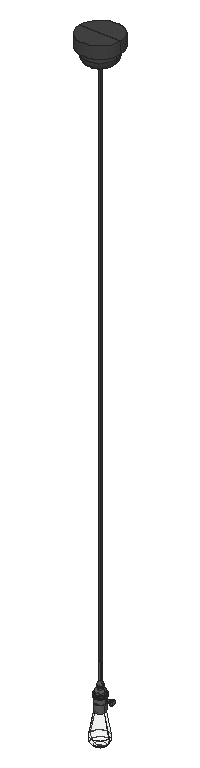
Revit family "SPO-KEY-BP MB", category Lighting Fixtures, Revit 2020 (continued)
Definition of nested family "SPO-KEY-AB"
  Definition of nested family "SPO-KEY-AB HOLDER"
    Forms (in)
      Extrusion 126, solid, material <- "Body", visible <- "SPO-KEY-AB"
        sketch origin (-0.00004, 0.0311, -0.22468) x (0.770394, 0.637568, 0) y (-0.637568, 0.770394, 0)
          loop
            line (0.44965, 0.52237) -> (0.48225, 0.49432) -> (0.51145, 0.52351) -> (0.47877, 0.55619) -> (0.44965, 0.52237)
        from 1.87225 to 1.98153
      Extrusion 127, solid, material <- "Body", visible <- "SPO-KEY-AB"
        sketch origin (0.003, 0.03095, -0.22468) x (0.829137, 0.559045, 0) y (-0.559045, 0.829137, 0)
          loop
            line (0.44965, 0.52237) -> (0.48225, 0.49432) -> (0.51145, 0.52351) -> (0.47877, 0.55619) -> (0.44965, 0.52237)
        from 1.87225 to 1.98153
      Extrusion 128, solid, material <- "Body", visible <- "SPO-KEY-AB"
        sketch origin (0.00602, 0.03051, -0.22468) x (0.879906, 0.475147, 0) y (-0.475147, 0.879906, 0)
          loop
            line (0.44965, 0.52237) -> (0.48225, 0.49432) -> (0.51145, 0.52351) -> (0.47877, 0.55619) -> (0.44965, 0.52237)
        from 1.87225 to 1.98153
      Extrusion 129, solid, material <- "Body", visible <- "SPO-KEY-AB"
        sketch origin (0.00898, 0.02977, -0.22468) x (0.922214, 0.38668, 0) y (-0.38668, 0.922214, 0)
          loop
            line (0.44965, 0.52237) -> (0.48225, 0.49432) -> (0.51145, 0.52351) -> (0.47877, 0.55619) -> (0.44965, 0.52237)
        from 1.87225 to 1.98153
      Extrusion 130, solid, material <- "Body", visible <- "SPO-KEY-AB"
        sketch origin (0.01185, 0.02875, -0.22468) x (0.955653, 0.294494, 0) y (-0.294494, 0.955653, 0)
          loop
            line (0.44965, 0.52237) -> (0.48225, 0.49432) -> (0.51145, 0.52351) -> (0.47877, 0.55619) -> (0.44965, 0.52237)
        from 1.87225 to 1.98153
      Extrusion 131, solid, material <- "Body", visible <- "SPO-KEY-AB"
        sketch origin (0.01461, 0.02745, -0.22468) x (0.979903, 0.199477, 0) y (-0.199477, 0.979903, 0)
          loop
            line (0.44965, 0.52237) -> (0.48225, 0.49432) -> (0.51145, 0.52351) -> (0.47877, 0.55619) -> (0.44965, 0.52237)
        from 1.87225 to 1.98153
      Extrusion 132, solid, material <- "Body", visible <- "SPO-KEY-AB"
        sketch origin (0.01723, 0.02589, -0.22468) x (0.994729, 0.102541, 0) y (-0.102541, 0.994729, 0)
          loop
            line (0.44965, 0.52237) -> (0.48225, 0.49432) -> (0.51145, 0.52351) -> (0.47877, 0.55619) -> (0.44965, 0.52237)
        from 1.87225 to 1.98153
      Extrusion 133, solid, material <- "Body", visible <- "SPO-KEY-AB"
        sketch origin (0.01968, 0.02408, -0.22468) x (0.999989, 0.004618, 0) y (-0.004618, 0.999989, 0)
          loop
            line (0.44965, 0.52237) -> (0.48225, 0.49432) -> (0.51145, 0.52351) -> (0.47877, 0.55619) -> (0.44965, 0.52237)
        from 1.87225 to 1.98153
      Extrusion 134, solid, material <- "Body", visible <- "SPO-KEY-AB"
        sketch origin (-0.38641, -0.34585, 0.9375) x (0.995192, -0.097945, 0) y (0.097945, 0.995192, 0)
          loop
            line (0.527, 0.61222) -> (0.56632, 0.57838) -> (0.59931, 0.61137) -> (0.56005, 0.65062) -> (0.527, 0.61222)
        from 1.81351 to 1.98153
      Extrusion 135, solid, material <- "Body", visible <- "SPO-KEY-AB"
        sketch origin (-0.46276, -0.23405, 0.9375) x (0.935931, -0.352183, 0) y (0.352183, 0.935931, 0)
          loop
            line (0.527, 0.61222) -> (0.56632, 0.57838) -> (0.59931, 0.61137) -> (0.56005, 0.65062) -> (0.527, 0.61222)
        from 1.81351 to 1.98153
      Extrusion 136, solid, material <- "Body", visible <- "SPO-KEY-AB"
        sketch origin (-0.50757, -0.10631, 0.9375) x (0.812889, -0.582419, 0) y (0.582419, 0.812889, 0)
          loop
            line (0.527, 0.61222) -> (0.56632, 0.57838) -> (0.59931, 0.61137) -> (0.56005, 0.65062) -> (0.527, 0.61222)
        from 1.81351 to 1.98153
      Extrusion 137, solid, material <- "Body", visible <- "SPO-KEY-AB"
        sketch origin (-0.51779, 0.02868, 0.9375) x (0.634449, -0.772965, 0) y (0.772965, 0.634449, 0)
          loop
            line (0.527, 0.61222) -> (0.56632, 0.57838) -> (0.59931, 0.61137) -> (0.56005, 0.65062) -> (0.527, 0.61222)
        from 1.81351 to 1.98153
      Extrusion 138, solid, material <- "Body", visible <- "SPO-KEY-AB"
        sketch origin (-0.49272, 0.16172, 0.9375) x (0.412773, -0.910834, 0) y (0.910834, 0.412773, 0)
          loop
            line (0.527, 0.61222) -> (0.56632, 0.57838) -> (0.59931, 0.61137) -> (0.56005, 0.65062) -> (0.527, 0.61222)
        from 1.81351 to 1.98153
      Extrusion 139, solid, material <- "Body", visible <- "SPO-KEY-AB"
        sketch origin (-0.43407, 0.28373, 0.9375) x (0.162967, -0.986632, 0) y (0.986632, 0.162967, 0)
          loop
            line (0.527, 0.61222) -> (0.56632, 0.57838) -> (0.59931, 0.61137) -> (0.56005, 0.65062) -> (0.527, 0.61222)
        from 1.81351 to 1.98153
      Extrusion 140, solid, material <- "Body", visible <- "SPO-KEY-AB"
        sketch origin (-0.34585, 0.38641, 0.9375) x (-0.097945, -0.995192, 0) y (0.995192, -0.097945, 0)
          loop
            line (0.527, 0.61222) -> (0.56632, 0.57838) -> (0.59931, 0.61137) -> (0.56005, 0.65062) -> (0.527, 0.61222)
        from 1.81351 to 1.98153
      Extrusion 141, solid, material <- "Body", visible <- "SPO-KEY-AB"
        sketch origin (-0.23405, 0.46276, 0.9375) x (-0.352183, -0.935931, 0) y (0.935931, -0.352183, 0)
          loop
            line (0.527, 0.61222) -> (0.56632, 0.57838) -> (0.59931, 0.61137) -> (0.56005, 0.65062) -> (0.527, 0.61222)
        from 1.81351 to 1.98153
      Extrusion 142, solid, material <- "Body", visible <- "SPO-KEY-AB"
        sketch origin (-0.10631, 0.50757, 0.9375) x (-0.582419, -0.812889, 0) y (0.812889, -0.582419, 0)
          loop
            line (0.527, 0.61222) -> (0.56632, 0.57838) -> (0.59931, 0.61137) -> (0.56005, 0.65062) -> (0.527, 0.61222)
        from 1.81351 to 1.98153
      Extrusion 143, solid, material <- "Body", visible <- "SPO-KEY-AB"
        sketch origin (0.02868, 0.51779, 0.9375) x (-0.772965, -0.634449, 0) y (0.634449, -0.772965, 0)
          loop
            line (0.527, 0.61222) -> (0.56632, 0.57838) -> (0.59931, 0.61137) -> (0.56005, 0.65062) -> (0.527, 0.61222)
        from 1.81351 to 1.98153
      Extrusion 144, solid, material <- "Body", visible <- "SPO-KEY-AB"
        sketch origin (0.16172, 0.49272, 0.9375) x (-0.910834, -0.412773, 0) y (0.412773, -0.910834, 0)
          loop
            line (0.527, 0.61222) -> (0.56632, 0.57838) -> (0.59931, 0.61137) -> (0.56005, 0.65062) -> (0.527, 0.61222)
        from 1.81351 to 1.98153
      Extrusion 145, solid, material <- "Body", visible <- "SPO-KEY-AB"
        sketch origin (0.28373, 0.43407, 0.9375) x (-0.986632, -0.162967, 0) y (0.162967, -0.986632, 0)
          loop
            line (0.527, 0.61222) -> (0.56632, 0.57838) -> (0.59931, 0.61137) -> (0.56005, 0.65062) -> (0.527, 0.61222)
        from 1.81351 to 1.98153
      Extrusion 146, solid, material <- "Body", visible <- "SPO-KEY-AB"
        sketch origin (0.38641, 0.34585, 0.9375) x (-0.995192, 0.097945, 0) y (-0.097945, -0.995192, 0)
          loop
            line (0.527, 0.61222) -> (0.56632, 0.57838) -> (0.59931, 0.61137) -> (0.56005, 0.65062) -> (0.527, 0.61222)
        from 1.81351 to 1.98153
      Extrusion 147, solid, material <- "Body", visible <- "SPO-KEY-AB"
        sketch origin (0.46276, 0.23405, 0.9375) x (-0.935931, 0.352183, 0) y (-0.352183, -0.935931, 0)
          loop
            line (0.527, 0.61222) -> (0.56632, 0.57838) -> (0.59931, 0.61137) -> (0.56005, 0.65062) -> (0.527, 0.61222)
        from 1.81351 to 1.98153
      Extrusion 148, solid, material <- "Body", visible <- "SPO-KEY-AB"
        sketch origin (0.50757, 0.10631, 0.9375) x (-0.812889, 0.582419, 0) y (-0.582419, -0.812889, 0)
          loop
            line (0.527, 0.61222) -> (0.56632, 0.57838) -> (0.59931, 0.61137) -> (0.56005, 0.65062) -> (0.527, 0.61222)
        from 1.81351 to 1.98153
      Extrusion 149, solid, material <- "Body", visible <- "SPO-KEY-AB"
        sketch origin (0.51779, -0.02868, 0.9375) x (-0.634449, 0.772965, 0) y (-0.772965, -0.634449, 0)
          loop
            line (0.527, 0.61222) -> (0.56632, 0.57838) -> (0.59931, 0.61137) -> (0.56005, 0.65062) -> (0.527, 0.61222)
        from 1.81351 to 1.98153
      Extrusion 150, solid, material <- "Body", visible <- "SPO-KEY-AB"
        sketch origin (0.49272, -0.16172, 0.9375) x (-0.412773, 0.910834, 0) y (-0.910834, -0.412773, 0)
          loop
            line (0.527, 0.61222) -> (0.56632, 0.57838) -> (0.59931, 0.61137) -> (0.56005, 0.65062) -> (0.527, 0.61222)
        from 1.81351 to 1.98153
      Extrusion 151, solid, material <- "Body", visible <- "SPO-KEY-AB"
        sketch origin (0.43407, -0.28373, 0.9375) x (-0.162967, 0.986632, 0) y (-0.986632, -0.162967, 0)
          loop
            line (0.527, 0.61222) -> (0.56632, 0.57838) -> (0.59931, 0.61137) -> (0.56005, 0.65062) -> (0.527, 0.61222)
        from 1.81351 to 1.98153
      Extrusion 152, solid, material <- "Body", visible <- "SPO-KEY-AB"
        sketch origin (0.34585, -0.38641, 0.9375) x (0.097945, 0.995192, 0) y (-0.995192, 0.097945, 0)
          loop
            line (0.527, 0.61222) -> (0.56632, 0.57838) -> (0.59931, 0.61137) -> (0.56005, 0.65062) -> (0.527, 0.61222)
        from 1.81351 to 1.98153
      Extrusion 153, solid, material <- "Body", visible <- "SPO-KEY-AB"
        sketch origin (0.23405, -0.46276, 0.9375) x (0.352183, 0.935931, 0) y (-0.935931, 0.352183, 0)
          loop
            line (0.527, 0.61222) -> (0.56632, 0.57838) -> (0.59931, 0.61137) -> (0.56005, 0.65062) -> (0.527, 0.61222)
        from 1.81351 to 1.98153
      Extrusion 154, solid, material <- "Body", visible <- "SPO-KEY-AB"
        sketch origin (0.10631, -0.50757, 0.9375) x (0.582419, 0.812889, 0) y (-0.812889, 0.582419, 0)
          loop
            line (0.527, 0.61222) -> (0.56632, 0.57838) -> (0.59931, 0.61137) -> (0.56005, 0.65062) -> (0.527, 0.61222)
        from 1.81351 to 1.98153
      Extrusion 155, solid, material <- "Body", visible <- "SPO-KEY-AB"
        sketch origin (-0.02868, -0.51779, 0.9375) x (0.772965, 0.634449, 0) y (-0.634449, 0.772965, 0)
          loop
            line (0.527, 0.61222) -> (0.56632, 0.57838) -> (0.59931, 0.61137) -> (0.56005, 0.65062) -> (0.527, 0.61222)
        from 1.81351 to 1.98153
      Extrusion 156, solid, material <- "Body", visible <- "SPO-KEY-AB"
        sketch origin (-0.16172, -0.49272, 0.9375) x (0.910834, 0.412773, 0) y (-0.412773, 0.910834, 0)
          loop
            line (0.527, 0.61222) -> (0.56632, 0.57838) -> (0.59931, 0.61137) -> (0.56005, 0.65062) -> (0.527, 0.61222)
        from 1.81351 to 1.98153
      Extrusion 157, solid, material <- "Body", visible <- "SPO-KEY-AB"
        sketch origin (-0.28373, -0.43407, 0.9375) x (0.986632, 0.162967, 0) y (-0.162967, 0.986632, 0)
          loop
            line (0.527, 0.61222) -> (0.56632, 0.57838) -> (0.59931, 0.61137) -> (0.56005, 0.65062) -> (0.527, 0.61222)
        from 1.81351 to 1.98153
      Extrusion 158, solid, material <- "Body", visible <- "SPO-KEY-AB"
        sketch origin (0, 0.00846, -0.00846) x (0, 1, 0) y (0, 0, 1)
          loop
            line (-0.20033, 1.5998) -> (-0.15905, 1.62871) -> (-0.18163, 1.66095) -> (-0.22661, 1.62946) -> (-0.20033, 1.5998)
        from 1.51604 to 1.63175
      Extrusion 159, solid, material <- "Body", visible <- "SPO-KEY-AB"
        sketch origin (0, -0.30039, 0.02455) x (0, 0.974751, -0.223295) y (0, 0.223295, 0.974751)
          loop
            line (-0.20033, 1.5998) -> (-0.15905, 1.62871) -> (-0.18163, 1.66095) -> (-0.22661, 1.62946) -> (-0.20033, 1.5998)
        from 1.51604 to 1.63175
      Extrusion 160, solid, material <- "Body", visible <- "SPO-KEY-AB"
        sketch origin (0, -0.59406, 0.12569) x (0, 0.900279, -0.435314) y (0, 0.435314, 0.900279)
          loop
            line (-0.20033, 1.5998) -> (-0.15905, 1.62871) -> (-0.18163, 1.66095) -> (-0.22661, 1.62946) -> (-0.20033, 1.5998)
        from 1.51604 to 1.63175
      Extrusion 161, solid, material <- "Body", visible <- "SPO-KEY-AB"
        sketch origin (0, -0.85774, 0.28985) x (0, 0.780344, -0.62535) y (0, 0.62535, 0.780344)
          loop
            line (-0.20033, 1.5998) -> (-0.15905, 1.62871) -> (-0.18163, 1.66095) -> (-0.22661, 1.62946) -> (-0.20033, 1.5998)
        from 1.51604 to 1.63175
      Extrusion 162, solid, material <- "Body", visible <- "SPO-KEY-AB"
        sketch origin (0, -1.0781, 0.50875) x (0, 0.621004, -0.783807) y (0, 0.783807, 0.621004)
          loop
            line (-0.20033, 1.5998) -> (-0.15905, 1.62871) -> (-0.18163, 1.66095) -> (-0.22661, 1.62946) -> (-0.20033, 1.5998)
        from 1.51604 to 1.63175
      Extrusion 163, solid, material <- "Body", visible <- "SPO-KEY-AB"
        sketch origin (0, -1.24402, 0.77132) x (0, 0.430304, -0.902684) y (0, 0.902684, 0.430304)
          loop
            line (-0.20033, 1.5998) -> (-0.15905, 1.62871) -> (-0.18163, 1.66095) -> (-0.22661, 1.62946) -> (-0.20033, 1.5998)
        from 1.51604 to 1.63175
      Extrusion 164, solid, material <- "Body", visible <- "SPO-KEY-AB"
        sketch origin (0, -1.34712, 1.06431) x (0, 0.217875, -0.975977) y (0, 0.975977, 0.217875)
          loop
            line (-0.20033, 1.5998) -> (-0.15905, 1.62871) -> (-0.18163, 1.66095) -> (-0.22661, 1.62946) -> (-0.20033, 1.5998)
        from 1.51604 to 1.63175
      Extrusion 165, solid, material <- "Body", visible <- "SPO-KEY-AB"
        sketch origin (0, -1.38219, 1.37293) x (0, -0.005557, -0.999985) y (0, 0.999985, -0.005557)
          loop
            line (-0.20033, 1.5998) -> (-0.15905, 1.62871) -> (-0.18163, 1.66095) -> (-0.22661, 1.62946) -> (-0.20033, 1.5998)
        from 1.51604 to 1.63175
      Extrusion 166, solid, material <- "Body", visible <- "SPO-KEY-AB"
        sketch origin (0, -1.34747, 1.68159) x (0, -0.228708, -0.973495) y (0, 0.973495, -0.228708)
          loop
            line (-0.20033, 1.5998) -> (-0.15905, 1.62871) -> (-0.18163, 1.66095) -> (-0.22661, 1.62946) -> (-0.20033, 1.5998)
        from 1.51604 to 1.63175
      Extrusion 167, solid, material <- "Body", visible <- "SPO-KEY-AB"
        sketch origin (0, -1.2447, 1.9747) x (0, -0.44031, -0.897846) y (0, 0.897846, -0.44031)
          loop
            line (-0.20033, 1.5998) -> (-0.15905, 1.62871) -> (-0.18163, 1.66095) -> (-0.22661, 1.62946) -> (-0.20033, 1.5998)
        from 1.51604 to 1.63175
      Extrusion 168, solid, material <- "Body", visible <- "SPO-KEY-AB"
        sketch origin (0, -1.07907, 2.23745) x (0, -0.629677, -0.776857) y (0, 0.776857, -0.629677)
          loop
            line (-0.20033, 1.5998) -> (-0.15905, 1.62871) -> (-0.18163, 1.66095) -> (-0.22661, 1.62946) -> (-0.20033, 1.5998)
        from 1.51604 to 1.63175
      Extrusion 169, solid, material <- "Body", visible <- "SPO-KEY-AB"
        sketch origin (0, -0.85895, 2.4566) x (0, -0.787246, -0.616639) y (0, 0.616639, -0.787246)
          loop
            line (-0.20033, 1.5998) -> (-0.15905, 1.62871) -> (-0.18163, 1.66095) -> (-0.22661, 1.62946) -> (-0.20033, 1.5998)
        from 1.51604 to 1.63175
      Extrusion 170, solid, material <- "Body", visible <- "SPO-KEY-AB"
        sketch origin (0, -0.59546, 2.62106) x (0, -0.905061, -0.425281) y (0, 0.425281, -0.905061)
          loop
            line (-0.20033, 1.5998) -> (-0.15905, 1.62871) -> (-0.18163, 1.66095) -> (-0.22661, 1.62946) -> (-0.20033, 1.5998)
        from 1.51604 to 1.63175
      Extrusion 171, solid, material <- "Body", visible <- "SPO-KEY-AB"
        sketch origin (0, -0.3019, 2.72252) x (0, -0.977172, -0.212448) y (0, 0.212448, -0.977172)
          loop
            line (-0.20033, 1.5998) -> (-0.15905, 1.62871) -> (-0.18163, 1.66095) -> (-0.22661, 1.62946) -> (-0.20033, 1.5998)
        from 1.51604 to 1.63175
      Extrusion 172, solid, material <- "Body", visible <- "SPO-KEY-AB"
        sketch origin (0, 0.0069, 2.75588) x (0, -0.999938, 0.011114) y (0, -0.011114, -0.999938)
          loop
            line (-0.20033, 1.5998) -> (-0.15905, 1.62871) -> (-0.18163, 1.66095) -> (-0.22661, 1.62946) -> (-0.20033, 1.5998)
        from 1.51604 to 1.63175
      Extrusion 173, solid, material <- "Body", visible <- "SPO-KEY-AB"
        sketch origin (0, 0.31536, 2.71944) x (0, -0.972209, 0.234115) y (0, -0.234115, -0.972209)
          loop
            line (-0.20033, 1.5998) -> (-0.15905, 1.62871) -> (-0.18163, 1.66095) -> (-0.22661, 1.62946) -> (-0.20033, 1.5998)
        from 1.51604 to 1.63175
      Extrusion 174, solid, material <- "Body", visible <- "SPO-KEY-AB"
        sketch origin (0, 0.6079, 2.61504) x (0, -0.895385, 0.445293) y (0, -0.445293, -0.895385)
          loop
            line (-0.20033, 1.5998) -> (-0.15905, 1.62871) -> (-0.18163, 1.66095) -> (-0.22661, 1.62946) -> (-0.20033, 1.5998)
        from 1.51604 to 1.63175
      Extrusion 175, solid, material <- "Body", visible <- "SPO-KEY-AB"
        sketch origin (0, 0.86973, 2.44796) x (0, -0.773346, 0.633984) y (0, -0.633984, -0.773346)
          loop
            line (-0.20033, 1.5998) -> (-0.15905, 1.62871) -> (-0.18163, 1.66095) -> (-0.22661, 1.62946) -> (-0.20033, 1.5998)
        from 1.51604 to 1.63175
      Extrusion 176, solid, material <- "Body", visible <- "SPO-KEY-AB"
        sketch origin (0, 1.08765, 2.22663) x (0, -0.612254, 0.790661) y (0, -0.790661, -0.612254)
          loop
            line (-0.20033, 1.5998) -> (-0.15905, 1.62871) -> (-0.18163, 1.66095) -> (-0.22661, 1.62946) -> (-0.20033, 1.5998)
        from 1.51604 to 1.63175
      Extrusion 177, solid, material <- "Body", visible <- "SPO-KEY-AB"
        sketch origin (0, 1.25064, 1.96223) x (0, -0.420245, 0.907411) y (0, -0.907411, -0.420245)
          loop
            line (-0.20033, 1.5998) -> (-0.15905, 1.62871) -> (-0.18163, 1.66095) -> (-0.22661, 1.62946) -> (-0.20033, 1.5998)
        from 1.51604 to 1.63175
      Extrusion 178, solid, material <- "Body", visible <- "SPO-KEY-AB"
        sketch origin (0, 1.35047, 1.66811) x (0, -0.207014, 0.978338) y (0, -0.978338, -0.207014)
          loop
            line (-0.20033, 1.5998) -> (-0.15905, 1.62871) -> (-0.18163, 1.66095) -> (-0.22661, 1.62946) -> (-0.20033, 1.5998)
        from 1.51604 to 1.63175
      Extrusion 179, solid, material <- "Body", visible <- "SPO-KEY-AB"
        sketch origin (0, 1.38211, 1.35912) x (0, 0.016671, 0.999861) y (0, -0.999861, 0.016671)
          loop
            line (-0.20033, 1.5998) -> (-0.15905, 1.62871) -> (-0.18163, 1.66095) -> (-0.22661, 1.62946) -> (-0.20033, 1.5998)
        from 1.51604 to 1.63175
      Extrusion 180, solid, material <- "Body", visible <- "SPO-KEY-AB"
        sketch origin (0, 1.34396, 1.05087) x (0, 0.239514, 0.970893) y (0, -0.970893, 0.239514)
          loop
            line (-0.20033, 1.5998) -> (-0.15905, 1.62871) -> (-0.18163, 1.66095) -> (-0.22661, 1.62946) -> (-0.20033, 1.5998)
        from 1.51604 to 1.63175
      Extrusion 181, solid, material <- "Body", visible <- "SPO-KEY-AB"
        sketch origin (0, 1.23794, 0.75892) x (0, 0.450261, 0.892897) y (0, -0.892897, 0.450261)
          loop
            line (-0.20033, 1.5998) -> (-0.15905, 1.62871) -> (-0.18163, 1.66095) -> (-0.22661, 1.62946) -> (-0.20033, 1.5998)
        from 1.51604 to 1.63175
      Extrusion 182, solid, material <- "Body", visible <- "SPO-KEY-AB"
        sketch origin (0, 1.0694, 0.49802) x (0, 0.638272, 0.769811) y (0, -0.769811, 0.638272)
          loop
            line (-0.20033, 1.5998) -> (-0.15905, 1.62871) -> (-0.18163, 1.66095) -> (-0.22661, 1.62946) -> (-0.20033, 1.5998)
        from 1.51604 to 1.63175
      Extrusion 183, solid, material <- "Body", visible <- "SPO-KEY-AB"
        sketch origin (0, 0.84687, 0.28134) x (0, 0.794051, 0.607851) y (0, -0.607851, 0.794051)
          loop
            line (-0.20033, 1.5998) -> (-0.15905, 1.62871) -> (-0.18163, 1.66095) -> (-0.22661, 1.62946) -> (-0.20033, 1.5998)
        from 1.51604 to 1.63175
      Extrusion 184, solid, material <- "Body", visible <- "SPO-KEY-AB"
        sketch origin (0, 0.58156, 0.11982) x (0, 0.909732, 0.415196) y (0, -0.415196, 0.909732)
          loop
            line (-0.20033, 1.5998) -> (-0.15905, 1.62871) -> (-0.18163, 1.66095) -> (-0.22661, 1.62946) -> (-0.20033, 1.5998)
        from 1.51604 to 1.63175
      Extrusion 185, solid, material <- "Body", visible <- "SPO-KEY-AB"
        sketch origin (0, 0.28689, 0.02162) x (0, 0.979473, 0.201574) y (0, -0.201574, 0.979473)
          loop
            line (-0.20033, 1.5998) -> (-0.15905, 1.62871) -> (-0.18163, 1.66095) -> (-0.22661, 1.62946) -> (-0.20033, 1.5998)
        from 1.51604 to 1.63175
    Dimensions and locks (in)
      locked: plane 4 to plane 2 at 3.5
      equal spacing: plane 5, plane 3 "Center (Left/Right)", plane 6
      plane 5 to plane 6 = 0' - 1 1/2"
      aligned and locked: plane 2 to level
    Automatic sketch dimensions
      Extrusion 4 sketch curve to Extrusion 4 sketch curve = 0' - 0.02911"
      Extrusion 4 sketch curve to Extrusion 4 sketch curve = 0' - 0.0326"
      Extrusion 4 sketch curve to Extrusion 4 sketch curve = 0' - 0.0292"
      Extrusion 4 sketch curve to Extrusion 4 sketch curve = 0' - 0.02806"
      Extrusion 5 sketch curve to Extrusion 5 sketch curve = 0' - 0.02911"
      Extrusion 5 sketch curve to Extrusion 5 sketch curve = 0' - 0.0326"
      Extrusion 5 sketch curve to Extrusion 5 sketch curve = 0' - 0.0292"
      Extrusion 5 sketch curve to Extrusion 5 sketch curve = 0' - 0.02806"
      Extrusion 6 sketch curve to Extrusion 6 sketch curve = 0' - 0.02911"
      Extrusion 6 sketch curve to Extrusion 6 sketch curve = 0' - 0.0326"
      Extrusion 6 sketch curve to Extrusion 6 sketch curve = 0' - 0.0292"
      Extrusion 6 sketch curve to Extrusion 6 sketch curve = 0' - 0.02806"
      Extrusion 7 sketch curve to Extrusion 7 sketch curve = 0' - 0.02911"
      Extrusion 7 sketch curve to Extrusion 7 sketch curve = 0' - 0.0326"
      Extrusion 7 sketch curve to Extrusion 7 sketch curve = 0' - 0.0292"
      Extrusion 7 sketch curve to Extrusion 7 sketch curve = 0' - 0.02806"
      Extrusion 8 sketch curve to Extrusion 8 sketch curve = 0' - 0.02911"
      Extrusion 8 sketch curve to Extrusion 8 sketch curve = 0' - 0.0326"
      Extrusion 8 sketch curve to Extrusion 8 sketch curve = 0' - 0.0292"
      Extrusion 8 sketch curve to Extrusion 8 sketch curve = 0' - 0.02806"
      Extrusion 9 sketch curve to Extrusion 9 sketch curve = 0' - 0.02911"
      Extrusion 9 sketch curve to Extrusion 9 sketch curve = 0' - 0.0326"
      Extrusion 9 sketch curve to Extrusion 9 sketch curve = 0' - 0.0292"
      Extrusion 9 sketch curve to Extrusion 9 sketch curve = 0' - 0.02806"
      Extrusion 10 sketch curve to Extrusion 10 sketch curve = 0' - 0.02911"
      Extrusion 10 sketch curve to Extrusion 10 sketch curve = 0' - 0.0326"
      Extrusion 10 sketch curve to Extrusion 10 sketch curve = 0' - 0.0292"
      Extrusion 10 sketch curve to Extrusion 10 sketch curve = 0' - 0.02806"
      Extrusion 11 sketch curve to Extrusion 11 sketch curve = 0' - 0.02911"
      Extrusion 11 sketch curve to Extrusion 11 sketch curve = 0' - 0.0326"
      Extrusion 11 sketch curve to Extrusion 11 sketch curve = 0' - 0.0292"
      Extrusion 11 sketch curve to Extrusion 11 sketch curve = 0' - 0.02806"
      Extrusion 12 sketch curve to Extrusion 12 sketch curve = 0' - 0.02911"
      Extrusion 12 sketch curve to Extrusion 12 sketch curve = 0' - 0.0326"
      Extrusion 12 sketch curve to Extrusion 12 sketch curve = 0' - 0.0292"
      Extrusion 12 sketch curve to Extrusion 12 sketch curve = 0' - 0.02806"
      Extrusion 13 sketch curve to Extrusion 13 sketch curve = 0' - 0.02911"
      Extrusion 13 sketch curve to Extrusion 13 sketch curve = 0' - 0.0326"
      Extrusion 13 sketch curve to Extrusion 13 sketch curve = 0' - 0.0292"
      Extrusion 13 sketch curve to Extrusion 13 sketch curve = 0' - 0.02806"
      Extrusion 14 sketch curve to Extrusion 14 sketch curve = 0' - 0.02911"
      Extrusion 14 sketch curve to Extrusion 14 sketch curve = 0' - 0.0326"
      Extrusion 14 sketch curve to Extrusion 14 sketch curve = 0' - 0.0292"
      Extrusion 14 sketch curve to Extrusion 14 sketch curve = 0' - 0.02806"
      Extrusion 15 sketch curve to Extrusion 15 sketch curve = 0' - 0.02911"
      Extrusion 15 sketch curve to Extrusion 15 sketch curve = 0' - 0.0326"
      Extrusion 15 sketch curve to Extrusion 15 sketch curve = 0' - 0.0292"
      Extrusion 15 sketch curve to Extrusion 15 sketch curve = 0' - 0.02806"
      Extrusion 16 sketch curve to Extrusion 16 sketch curve = 0' - 0.02911"
      Extrusion 16 sketch curve to Extrusion 16 sketch curve = 0' - 0.0326"
      Extrusion 16 sketch curve to Extrusion 16 sketch curve = 0' - 0.0292"
      Extrusion 16 sketch curve to Extrusion 16 sketch curve = 0' - 0.02806"
      Extrusion 17 sketch curve to Extrusion 17 sketch curve = 0' - 0.02911"
      Extrusion 17 sketch curve to Extrusion 17 sketch curve = 0' - 0.0326"
      Extrusion 17 sketch curve to Extrusion 17 sketch curve = 0' - 0.0292"
      Extrusion 17 sketch curve to Extrusion 17 sketch curve = 0' - 0.02806"
      Extrusion 18 sketch curve to Extrusion 18 sketch curve = 0' - 0.02911"
      Extrusion 18 sketch curve to Extrusion 18 sketch curve = 0' - 0.0326"
      Extrusion 18 sketch curve to Extrusion 18 sketch curve = 0' - 0.0292"
      Extrusion 18 sketch curve to Extrusion 18 sketch curve = 0' - 0.02806"
      Extrusion 19 sketch curve to Extrusion 19 sketch curve = 0' - 0.02911"
      Extrusion 19 sketch curve to Extrusion 19 sketch curve = 0' - 0.0326"
      Extrusion 19 sketch curve to Extrusion 19 sketch curve = 0' - 0.0292"
      Extrusion 19 sketch curve to Extrusion 19 sketch curve = 0' - 0.02806"
      Extrusion 20 sketch curve to Extrusion 20 sketch curve = 0' - 0.02911"
      Extrusion 20 sketch curve to Extrusion 20 sketch curve = 0' - 0.0326"
      Extrusion 20 sketch curve to Extrusion 20 sketch curve = 0' - 0.0292"
      Extrusion 20 sketch curve to Extrusion 20 sketch curve = 0' - 0.02806"
      Extrusion 21 sketch curve to Extrusion 21 sketch curve = 0' - 0.02911"
      Extrusion 21 sketch curve to Extrusion 21 sketch curve = 0' - 0.0326"
      Extrusion 21 sketch curve to Extrusion 21 sketch curve = 0' - 0.0292"
      Extrusion 21 sketch curve to Extrusion 21 sketch curve = 0' - 0.02806"
      Extrusion 22 sketch curve to Extrusion 22 sketch curve = 0' - 0.02911"
      Extrusion 22 sketch curve to Extrusion 22 sketch curve = 0' - 0.0326"
      Extrusion 22 sketch curve to Extrusion 22 sketch curve = 0' - 0.0292"
      Extrusion 22 sketch curve to Extrusion 22 sketch curve = 0' - 0.02806"
      Extrusion 23 sketch curve to Extrusion 23 sketch curve = 0' - 0.02911"
      Extrusion 23 sketch curve to Extrusion 23 sketch curve = 0' - 0.0326"
      Extrusion 23 sketch curve to Extrusion 23 sketch curve = 0' - 0.0292"
      Extrusion 23 sketch curve to Extrusion 23 sketch curve = 0' - 0.02806"
      Extrusion 24 sketch curve to Extrusion 24 sketch curve = 0' - 0.02911"
      Extrusion 24 sketch curve to Extrusion 24 sketch curve = 0' - 0.0326"
      Extrusion 24 sketch curve to Extrusion 24 sketch curve = 0' - 0.0292"
      Extrusion 24 sketch curve to Extrusion 24 sketch curve = 0' - 0.02806"
      Extrusion 25 sketch curve to Extrusion 25 sketch curve = 0' - 0.02911"
      Extrusion 25 sketch curve to Extrusion 25 sketch curve = 0' - 0.0326"
      Extrusion 25 sketch curve to Extrusion 25 sketch curve = 0' - 0.0292"
      Extrusion 25 sketch curve to Extrusion 25 sketch curve = 0' - 0.02806"
      Extrusion 26 sketch curve to Extrusion 26 sketch curve = 0' - 0.02911"
      Extrusion 26 sketch curve to Extrusion 26 sketch curve = 0' - 0.0326"
      Extrusion 26 sketch curve to Extrusion 26 sketch curve = 0' - 0.0292"
      Extrusion 26 sketch curve to Extrusion 26 sketch curve = 0' - 0.02806"
      Extrusion 27 sketch curve to Extrusion 27 sketch curve = 0' - 0.02911"
      Extrusion 27 sketch curve to Extrusion 27 sketch curve = 0' - 0.0326"
      Extrusion 27 sketch curve to Extrusion 27 sketch curve = 0' - 0.0292"
      Extrusion 27 sketch curve to Extrusion 27 sketch curve = 0' - 0.02806"
      Extrusion 28 sketch curve to Extrusion 28 sketch curve = 0' - 0.02911"
      Extrusion 28 sketch curve to Extrusion 28 sketch curve = 0' - 0.0326"
      Extrusion 28 sketch curve to Extrusion 28 sketch curve = 0' - 0.0292"
      Extrusion 28 sketch curve to Extrusion 28 sketch curve = 0' - 0.02806"
      Extrusion 29 sketch curve to Extrusion 29 sketch curve = 0' - 0.02911"
      Extrusion 29 sketch curve to Extrusion 29 sketch curve = 0' - 0.0326"
      Extrusion 29 sketch curve to Extrusion 29 sketch curve = 0' - 0.0292"
      Extrusion 29 sketch curve to Extrusion 29 sketch curve = 0' - 0.02806"
      Extrusion 30 sketch curve to Extrusion 30 sketch curve = 0' - 0.02911"
      Extrusion 30 sketch curve to Extrusion 30 sketch curve = 0' - 0.0326"
      Extrusion 30 sketch curve to Extrusion 30 sketch curve = 0' - 0.0292"
      Extrusion 30 sketch curve to Extrusion 30 sketch curve = 0' - 0.02806"
      Extrusion 31 sketch curve to Extrusion 31 sketch curve = 0' - 0.02911"
      Extrusion 31 sketch curve to Extrusion 31 sketch curve = 0' - 0.0326"
      Extrusion 31 sketch curve to Extrusion 31 sketch curve = 0' - 0.0292"
      Extrusion 31 sketch curve to Extrusion 31 sketch curve = 0' - 0.02806"
      Extrusion 32 sketch curve to Extrusion 32 sketch curve = 0' - 0.02911"
      Extrusion 32 sketch curve to Extrusion 32 sketch curve = 0' - 0.0326"
      Extrusion 32 sketch curve to Extrusion 32 sketch curve = 0' - 0.0292"
      Extrusion 32 sketch curve to Extrusion 32 sketch curve = 0' - 0.02806"
      Extrusion 33 sketch curve to Extrusion 33 sketch curve = 0' - 0.02911"
      Extrusion 33 sketch curve to Extrusion 33 sketch curve = 0' - 0.0326"
      Extrusion 33 sketch curve to Extrusion 33 sketch curve = 0' - 0.0292"
      Extrusion 33 sketch curve to Extrusion 33 sketch curve = 0' - 0.02806"
      Extrusion 34 sketch curve to Extrusion 34 sketch curve = 0' - 0.02911"
      Extrusion 34 sketch curve to Extrusion 34 sketch curve = 0' - 0.0326"
      Extrusion 34 sketch curve to Extrusion 34 sketch curve = 0' - 0.0292"
      Extrusion 34 sketch curve to Extrusion 34 sketch curve = 0' - 0.02806"
      Extrusion 35 sketch curve to Extrusion 35 sketch curve = 0' - 0.02911"
      Extrusion 35 sketch curve to Extrusion 35 sketch curve = 0' - 0.0326"
      Extrusion 35 sketch curve to Extrusion 35 sketch curve = 0' - 0.0292"
      Extrusion 35 sketch curve to Extrusion 35 sketch curve = 0' - 0.02806"
      Extrusion 36 sketch curve to Extrusion 36 sketch curve = 0' - 0.02911"
      Extrusion 36 sketch curve to Extrusion 36 sketch curve = 0' - 0.0326"
      Extrusion 36 sketch curve to Extrusion 36 sketch curve = 0' - 0.0292"
      Extrusion 36 sketch curve to Extrusion 36 sketch curve = 0' - 0.02806"
      Extrusion 37 sketch curve to Extrusion 37 sketch curve = 0' - 0.02911"
      Extrusion 37 sketch curve to Extrusion 37 sketch curve = 0' - 0.0326"
      Extrusion 37 sketch curve to Extrusion 37 sketch curve = 0' - 0.0292"
      Extrusion 37 sketch curve to Extrusion 37 sketch curve = 0' - 0.02806"
      Extrusion 38 sketch curve to Extrusion 38 sketch curve = 0' - 0.02911"
      Extrusion 38 sketch curve to Extrusion 38 sketch curve = 0' - 0.0326"
      Extrusion 38 sketch curve to Extrusion 38 sketch curve = 0' - 0.0292"
      Extrusion 38 sketch curve to Extrusion 38 sketch curve = 0' - 0.02806"
      Extrusion 39 sketch curve to Extrusion 39 sketch curve = 0' - 0.02911"
      Extrusion 39 sketch curve to Extrusion 39 sketch curve = 0' - 0.0326"
      Extrusion 39 sketch curve to Extrusion 39 sketch curve = 0' - 0.0292"
      Extrusion 39 sketch curve to Extrusion 39 sketch curve = 0' - 0.02806"
      Extrusion 40 sketch curve to Extrusion 40 sketch curve = 0' - 0.02911"
      Extrusion 40 sketch curve to Extrusion 40 sketch curve = 0' - 0.0326"
      Extrusion 40 sketch curve to Extrusion 40 sketch curve = 0' - 0.0292"
      Extrusion 40 sketch curve to Extrusion 40 sketch curve = 0' - 0.02806"
      Extrusion 41 sketch curve to Extrusion 41 sketch curve = 0' - 0.02911"
      Extrusion 41 sketch curve to Extrusion 41 sketch curve = 0' - 0.0326"
      Extrusion 41 sketch curve to Extrusion 41 sketch curve = 0' - 0.0292"
      Extrusion 41 sketch curve to Extrusion 41 sketch curve = 0' - 0.02806"
      Extrusion 42 sketch curve to Extrusion 42 sketch curve = 0' - 0.02911"
      Extrusion 42 sketch curve to Extrusion 42 sketch curve = 0' - 0.0326"
      Extrusion 42 sketch curve to Extrusion 42 sketch curve = 0' - 0.0292"
      Extrusion 42 sketch curve to Extrusion 42 sketch curve = 0' - 0.02806"
      Extrusion 43 sketch curve to Extrusion 43 sketch curve = 0' - 0.02911"
      Extrusion 43 sketch curve to Extrusion 43 sketch curve = 0' - 0.0326"
      Extrusion 43 sketch curve to Extrusion 43 sketch curve = 0' - 0.0292"
      Extrusion 43 sketch curve to Extrusion 43 sketch curve = 0' - 0.02806"
      Extrusion 44 sketch curve to Extrusion 44 sketch curve = 0' - 0.02911"
      Extrusion 44 sketch curve to Extrusion 44 sketch curve = 0' - 0.0326"
      Extrusion 44 sketch curve to Extrusion 44 sketch curve = 0' - 0.0292"
      Extrusion 44 sketch curve to Extrusion 44 sketch curve = 0' - 0.02806"
      Extrusion 45 sketch curve to Extrusion 45 sketch curve = 0' - 0.02911"
      Extrusion 45 sketch curve to Extrusion 45 sketch curve = 0' - 0.0326"
      Extrusion 45 sketch curve to Extrusion 45 sketch curve = 0' - 0.0292"
      Extrusion 45 sketch curve to Extrusion 45 sketch curve = 0' - 0.02806"
      Extrusion 46 sketch curve to Extrusion 46 sketch curve = 0' - 0.02911"
      Extrusion 46 sketch curve to Extrusion 46 sketch curve = 0' - 0.0326"
      Extrusion 46 sketch curve to Extrusion 46 sketch curve = 0' - 0.0292"
      Extrusion 46 sketch curve to Extrusion 46 sketch curve = 0' - 0.02806"
      Extrusion 47 sketch curve to Extrusion 47 sketch curve = 0' - 0.02911"
      Extrusion 47 sketch curve to Extrusion 47 sketch curve = 0' - 0.0326"
      Extrusion 47 sketch curve to Extrusion 47 sketch curve = 0' - 0.0292"
      Extrusion 47 sketch curve to Extrusion 47 sketch curve = 0' - 0.02806"
      Extrusion 48 sketch curve to Extrusion 48 sketch curve = 0' - 0.02911"
      Extrusion 48 sketch curve to Extrusion 48 sketch curve = 0' - 0.0326"
      Extrusion 48 sketch curve to Extrusion 48 sketch curve = 0' - 0.0292"
      Extrusion 48 sketch curve to Extrusion 48 sketch curve = 0' - 0.02806"
      Extrusion 49 sketch curve to Extrusion 49 sketch curve = 0' - 0.02911"
      Extrusion 49 sketch curve to Extrusion 49 sketch curve = 0' - 0.0326"
      Extrusion 49 sketch curve to Extrusion 49 sketch curve = 0' - 0.0292"
      Extrusion 49 sketch curve to Extrusion 49 sketch curve = 0' - 0.02806"
      Extrusion 50 sketch curve to Extrusion 50 sketch curve = 0' - 0.02911"
      Extrusion 50 sketch curve to Extrusion 50 sketch curve = 0' - 0.0326"
      Extrusion 50 sketch curve to Extrusion 50 sketch curve = 0' - 0.0292"
      Extrusion 50 sketch curve to Extrusion 50 sketch curve = 0' - 0.02806"
      Extrusion 51 sketch curve to Extrusion 51 sketch curve = 0' - 0.02911"
      Extrusion 51 sketch curve to Extrusion 51 sketch curve = 0' - 0.0326"
      Extrusion 51 sketch curve to Extrusion 51 sketch curve = 0' - 0.0292"
      Extrusion 51 sketch curve to Extrusion 51 sketch curve = 0' - 0.02806"
      Extrusion 52 sketch curve to Extrusion 52 sketch curve = 0' - 0.02911"
      Extrusion 52 sketch curve to Extrusion 52 sketch curve = 0' - 0.0326"
      Extrusion 52 sketch curve to Extrusion 52 sketch curve = 0' - 0.0292"
      Extrusion 52 sketch curve to Extrusion 52 sketch curve = 0' - 0.02806"
      Extrusion 53 sketch curve to Extrusion 53 sketch curve = 0' - 0.02911"
      Extrusion 53 sketch curve to Extrusion 53 sketch curve = 0' - 0.0326"
      Extrusion 53 sketch curve to Extrusion 53 sketch curve = 0' - 0.0292"
      Extrusion 53 sketch curve to Extrusion 53 sketch curve = 0' - 0.02806"
      Extrusion 54 sketch curve to Extrusion 54 sketch curve = 0' - 0.02911"
      Extrusion 54 sketch curve to Extrusion 54 sketch curve = 0' - 0.0326"
      Extrusion 54 sketch curve to Extrusion 54 sketch curve = 0' - 0.0292"
      Extrusion 54 sketch curve to Extrusion 54 sketch curve = 0' - 0.02806"
      Extrusion 55 sketch curve to Extrusion 55 sketch curve = 0' - 0.02911"
      Extrusion 55 sketch curve to Extrusion 55 sketch curve = 0' - 0.0326"
      Extrusion 55 sketch curve to Extrusion 55 sketch curve = 0' - 0.0292"
      Extrusion 55 sketch curve to Extrusion 55 sketch curve = 0' - 0.02806"
      Extrusion 56 sketch curve to Extrusion 56 sketch curve = 0' - 0.02911"
      Extrusion 56 sketch curve to Extrusion 56 sketch curve = 0' - 0.0326"
      Extrusion 56 sketch curve to Extrusion 56 sketch curve = 0' - 0.0292"
      Extrusion 56 sketch curve to Extrusion 56 sketch curve = 0' - 0.02806"
      Extrusion 57 sketch curve to Extrusion 57 sketch curve = 0' - 0.02911"
      Extrusion 57 sketch curve to Extrusion 57 sketch curve = 0' - 0.0326"
      Extrusion 57 sketch curve to Extrusion 57 sketch curve = 0' - 0.0292"
      Extrusion 57 sketch curve to Extrusion 57 sketch curve = 0' - 0.02806"
      Extrusion 58 sketch curve to Extrusion 58 sketch curve = 0' - 0.02911"
      Extrusion 58 sketch curve to Extrusion 58 sketch curve = 0' - 0.0326"
      Extrusion 58 sketch curve to Extrusion 58 sketch curve = 0' - 0.0292"
      Extrusion 58 sketch curve to Extrusion 58 sketch curve = 0' - 0.02806"
      Extrusion 59 sketch curve to Extrusion 59 sketch curve = 0' - 0.02911"
      Extrusion 59 sketch curve to Extrusion 59 sketch curve = 0' - 0.0326"
      Extrusion 59 sketch curve to Extrusion 59 sketch curve = 0' - 0.0292"
      Extrusion 59 sketch curve to Extrusion 59 sketch curve = 0' - 0.02806"
      Extrusion 60 sketch curve to Extrusion 60 sketch curve = 0' - 0.02911"
      Extrusion 60 sketch curve to Extrusion 60 sketch curve = 0' - 0.0326"
      Extrusion 60 sketch curve to Extrusion 60 sketch curve = 0' - 0.0292"
      Extrusion 60 sketch curve to Extrusion 60 sketch curve = 0' - 0.02806"
      Extrusion 61 sketch curve to Extrusion 61 sketch curve = 0' - 0.02911"
      Extrusion 61 sketch curve to Extrusion 61 sketch curve = 0' - 0.0326"
      Extrusion 61 sketch curve to Extrusion 61 sketch curve = 0' - 0.0292"
      Extrusion 61 sketch curve to Extrusion 61 sketch curve = 0' - 0.02806"
      Extrusion 62 sketch curve to Extrusion 62 sketch curve = 0' - 0.02911"
      Extrusion 62 sketch curve to Extrusion 62 sketch curve = 0' - 0.0326"
      Extrusion 62 sketch curve to Extrusion 62 sketch curve = 0' - 0.0292"
      Extrusion 62 sketch curve to Extrusion 62 sketch curve = 0' - 0.02806"
      Extrusion 63 sketch curve to Extrusion 63 sketch curve = 0' - 0.02911"
      Extrusion 63 sketch curve to Extrusion 63 sketch curve = 0' - 0.0326"
      Extrusion 63 sketch curve to Extrusion 63 sketch curve = 0' - 0.0292"
      Extrusion 63 sketch curve to Extrusion 63 sketch curve = 0' - 0.02806"
      Extrusion 64 sketch curve to Extrusion 64 sketch curve = 0' - 0.02911"
      Extrusion 64 sketch curve to Extrusion 64 sketch curve = 0' - 0.0326"
      Extrusion 64 sketch curve to Extrusion 64 sketch curve = 0' - 0.0292"
      Extrusion 64 sketch curve to Extrusion 64 sketch curve = 0' - 0.02806"
      Extrusion 65 sketch curve to Extrusion 65 sketch curve = 0' - 0.02911"
      Extrusion 65 sketch curve to Extrusion 65 sketch curve = 0' - 0.0326"
      Extrusion 65 sketch curve to Extrusion 65 sketch curve = 0' - 0.0292"
      Extrusion 65 sketch curve to Extrusion 65 sketch curve = 0' - 0.02806"
      Extrusion 66 sketch curve to Extrusion 66 sketch curve = 0' - 0.02911"
      Extrusion 66 sketch curve to Extrusion 66 sketch curve = 0' - 0.0326"
      Extrusion 66 sketch curve to Extrusion 66 sketch curve = 0' - 0.0292"
      Extrusion 66 sketch curve to Extrusion 66 sketch curve = 0' - 0.02806"
      Extrusion 67 sketch curve to Extrusion 67 sketch curve = 0' - 0.02911"
      Extrusion 67 sketch curve to Extrusion 67 sketch curve = 0' - 0.0326"
      Extrusion 67 sketch curve to Extrusion 67 sketch curve = 0' - 0.0292"
      Extrusion 67 sketch curve to Extrusion 67 sketch curve = 0' - 0.02806"
      Extrusion 68 sketch curve to Extrusion 68 sketch curve = 0' - 0.02911"
      Extrusion 68 sketch curve to Extrusion 68 sketch curve = 0' - 0.0326"
      Extrusion 68 sketch curve to Extrusion 68 sketch curve = 0' - 0.0292"
      Extrusion 68 sketch curve to Extrusion 68 sketch curve = 0' - 0.02806"
      Extrusion 69 sketch curve to Extrusion 69 sketch curve = 0' - 0.02911"
      Extrusion 69 sketch curve to Extrusion 69 sketch curve = 0' - 0.0326"
      Extrusion 69 sketch curve to Extrusion 69 sketch curve = 0' - 0.0292"
      Extrusion 69 sketch curve to Extrusion 69 sketch curve = 0' - 0.02806"
      Extrusion 70 sketch curve to Extrusion 70 sketch curve = 0' - 0.02911"
      Extrusion 70 sketch curve to Extrusion 70 sketch curve = 0' - 0.0326"
      Extrusion 70 sketch curve to Extrusion 70 sketch curve = 0' - 0.0292"
      Extrusion 70 sketch curve to Extrusion 70 sketch curve = 0' - 0.02806"
      Extrusion 71 sketch curve to Extrusion 71 sketch curve = 0' - 0.02911"
      Extrusion 71 sketch curve to Extrusion 71 sketch curve = 0' - 0.0326"
      Extrusion 71 sketch curve to Extrusion 71 sketch curve = 0' - 0.0292"
      Extrusion 71 sketch curve to Extrusion 71 sketch curve = 0' - 0.02806"
      Extrusion 72 sketch curve to Extrusion 72 sketch curve = 0' - 0.02911"
      Extrusion 72 sketch curve to Extrusion 72 sketch curve = 0' - 0.0326"
      Extrusion 72 sketch curve to Extrusion 72 sketch curve = 0' - 0.0292"
      Extrusion 72 sketch curve to Extrusion 72 sketch curve = 0' - 0.02806"
      Extrusion 73 sketch curve to Extrusion 73 sketch curve = 0' - 0.02911"
      Extrusion 73 sketch curve to Extrusion 73 sketch curve = 0' - 0.0326"
      Extrusion 73 sketch curve to Extrusion 73 sketch curve = 0' - 0.0292"
      Extrusion 73 sketch curve to Extrusion 73 sketch curve = 0' - 0.02806"
      Extrusion 74 sketch curve to Extrusion 74 sketch curve = 0' - 0.02911"
      Extrusion 74 sketch curve to Extrusion 74 sketch curve = 0' - 0.0326"
      Extrusion 74 sketch curve to Extrusion 74 sketch curve = 0' - 0.0292"
      Extrusion 74 sketch curve to Extrusion 74 sketch curve = 0' - 0.02806"
      Extrusion 75 sketch curve to Extrusion 75 sketch curve = 0' - 0.02911"
      Extrusion 75 sketch curve to Extrusion 75 sketch curve = 0' - 0.0326"
      Extrusion 75 sketch curve to Extrusion 75 sketch curve = 0' - 0.0292"
      Extrusion 75 sketch curve to Extrusion 75 sketch curve = 0' - 0.02806"
      Extrusion 76 sketch curve to Extrusion 76 sketch curve = 0' - 0.02911"
      Extrusion 76 sketch curve to Extrusion 76 sketch curve = 0' - 0.0326"
      Extrusion 76 sketch curve to Extrusion 76 sketch curve = 0' - 0.0292"
      Extrusion 76 sketch curve to Extrusion 76 sketch curve = 0' - 0.02806"
      Extrusion 77 sketch curve to Extrusion 77 sketch curve = 0' - 0.02911"
      Extrusion 77 sketch curve to Extrusion 77 sketch curve = 0' - 0.0326"
      Extrusion 77 sketch curve to Extrusion 77 sketch curve = 0' - 0.0292"
      Extrusion 77 sketch curve to Extrusion 77 sketch curve = 0' - 0.02806"
      Extrusion 78 sketch curve to Extrusion 78 sketch curve = 0' - 0.02911"
      Extrusion 78 sketch curve to Extrusion 78 sketch curve = 0' - 0.0326"
      Extrusion 78 sketch curve to Extrusion 78 sketch curve = 0' - 0.0292"
      Extrusion 78 sketch curve to Extrusion 78 sketch curve = 0' - 0.02806"
      Extrusion 79 sketch curve to Extrusion 79 sketch curve = 0' - 0.02911"
      Extrusion 79 sketch curve to Extrusion 79 sketch curve = 0' - 0.0326"
      Extrusion 79 sketch curve to Extrusion 79 sketch curve = 0' - 0.0292"
      Extrusion 79 sketch curve to Extrusion 79 sketch curve = 0' - 0.02806"
      Extrusion 80 sketch curve to Extrusion 80 sketch curve = 0' - 0.02911"
      Extrusion 80 sketch curve to Extrusion 80 sketch curve = 0' - 0.0326"
      Extrusion 80 sketch curve to Extrusion 80 sketch curve = 0' - 0.0292"
      Extrusion 80 sketch curve to Extrusion 80 sketch curve = 0' - 0.02806"
      Extrusion 81 sketch curve to Extrusion 81 sketch curve = 0' - 0.02911"
      Extrusion 81 sketch curve to Extrusion 81 sketch curve = 0' - 0.0326"
      Extrusion 81 sketch curve to Extrusion 81 sketch curve = 0' - 0.0292"
      Extrusion 81 sketch curve to Extrusion 81 sketch curve = 0' - 0.02806"
      Extrusion 82 sketch curve to Extrusion 82 sketch curve = 0' - 0.02911"
      Extrusion 82 sketch curve to Extrusion 82 sketch curve = 0' - 0.0326"
      Extrusion 82 sketch curve to Extrusion 82 sketch curve = 0' - 0.0292"
      Extrusion 82 sketch curve to Extrusion 82 sketch curve = 0' - 0.02806"
      Extrusion 83 sketch curve to Extrusion 83 sketch curve = 0' - 0.02911"
      Extrusion 83 sketch curve to Extrusion 83 sketch curve = 0' - 0.0326"
      Extrusion 83 sketch curve to Extrusion 83 sketch curve = 0' - 0.0292"
      Extrusion 83 sketch curve to Extrusion 83 sketch curve = 0' - 0.02806"
      Extrusion 84 sketch curve to Extrusion 84 sketch curve = 0' - 0.02911"
      Extrusion 84 sketch curve to Extrusion 84 sketch curve = 0' - 0.0326"
      Extrusion 84 sketch curve to Extrusion 84 sketch curve = 0' - 0.0292"
      Extrusion 84 sketch curve to Extrusion 84 sketch curve = 0' - 0.02806"
      Extrusion 85 sketch curve to Extrusion 85 sketch curve = 0' - 0.02911"
      Extrusion 85 sketch curve to Extrusion 85 sketch curve = 0' - 0.0326"
      Extrusion 85 sketch curve to Extrusion 85 sketch curve = 0' - 0.0292"
      Extrusion 85 sketch curve to Extrusion 85 sketch curve = 0' - 0.02806"
      Extrusion 86 sketch curve to Extrusion 86 sketch curve = 0' - 0.02911"
      Extrusion 86 sketch curve to Extrusion 86 sketch curve = 0' - 0.0326"
      Extrusion 86 sketch curve to Extrusion 86 sketch curve = 0' - 0.0292"
      Extrusion 86 sketch curve to Extrusion 86 sketch curve = 0' - 0.02806"
      Extrusion 87 sketch curve to Extrusion 87 sketch curve = 0' - 0.02911"
      Extrusion 87 sketch curve to Extrusion 87 sketch curve = 0' - 0.0326"
      Extrusion 87 sketch curve to Extrusion 87 sketch curve = 0' - 0.0292"
      Extrusion 87 sketch curve to Extrusion 87 sketch curve = 0' - 0.02806"
      Extrusion 88 sketch curve to Extrusion 88 sketch curve = 0' - 0.02911"
      Extrusion 88 sketch curve to Extrusion 88 sketch curve = 0' - 0.0326"
      Extrusion 88 sketch curve to Extrusion 88 sketch curve = 0' - 0.0292"
      Extrusion 88 sketch curve to Extrusion 88 sketch curve = 0' - 0.02806"
      Extrusion 89 sketch curve to Extrusion 89 sketch curve = 0' - 0.02911"
      Extrusion 89 sketch curve to Extrusion 89 sketch curve = 0' - 0.0326"
      Extrusion 89 sketch curve to Extrusion 89 sketch curve = 0' - 0.0292"
      Extrusion 89 sketch curve to Extrusion 89 sketch curve = 0' - 0.02806"
      Extrusion 90 sketch curve to Extrusion 90 sketch curve = 0' - 0.02911"
      Extrusion 90 sketch curve to Extrusion 90 sketch curve = 0' - 0.0326"
      Extrusion 90 sketch curve to Extrusion 90 sketch curve = 0' - 0.0292"
      Extrusion 90 sketch curve to Extrusion 90 sketch curve = 0' - 0.02806"
      Extrusion 91 sketch curve to Extrusion 91 sketch curve = 0' - 0.02911"
      Extrusion 91 sketch curve to Extrusion 91 sketch curve = 0' - 0.0326"
      Extrusion 91 sketch curve to Extrusion 91 sketch curve = 0' - 0.0292"
      Extrusion 91 sketch curve to Extrusion 91 sketch curve = 0' - 0.02806"
      Extrusion 92 sketch curve to Extrusion 92 sketch curve = 0' - 0.02911"
      Extrusion 92 sketch curve to Extrusion 92 sketch curve = 0' - 0.0326"
      Extrusion 92 sketch curve to Extrusion 92 sketch curve = 0' - 0.0292"
      Extrusion 92 sketch curve to Extrusion 92 sketch curve = 0' - 0.02806"
      Extrusion 93 sketch curve to Extrusion 93 sketch curve = 0' - 0.02911"
      Extrusion 93 sketch curve to Extrusion 93 sketch curve = 0' - 0.0326"
      Extrusion 93 sketch curve to Extrusion 93 sketch curve = 0' - 0.0292"
      Extrusion 93 sketch curve to Extrusion 93 sketch curve = 0' - 0.02806"
      Extrusion 94 sketch curve to Extrusion 94 sketch curve = 0' - 0.02911"
      Extrusion 94 sketch curve to Extrusion 94 sketch curve = 0' - 0.0326"
      Extrusion 94 sketch curve to Extrusion 94 sketch curve = 0' - 0.0292"
      Extrusion 94 sketch curve to Extrusion 94 sketch curve = 0' - 0.02806"
      Extrusion 95 sketch curve to Extrusion 95 sketch curve = 0' - 0.02911"
      Extrusion 95 sketch curve to Extrusion 95 sketch curve = 0' - 0.0326"
      Extrusion 95 sketch curve to Extrusion 95 sketch curve = 0' - 0.0292"
      Extrusion 95 sketch curve to Extrusion 95 sketch curve = 0' - 0.02806"
      Extrusion 96 sketch curve to Extrusion 96 sketch curve = 0' - 0.02911"
      Extrusion 96 sketch curve to Extrusion 96 sketch curve = 0' - 0.0326"
      Extrusion 96 sketch curve to Extrusion 96 sketch curve = 0' - 0.0292"
      Extrusion 96 sketch curve to Extrusion 96 sketch curve = 0' - 0.02806"
      Extrusion 97 sketch curve to Extrusion 97 sketch curve = 0' - 0.02911"
      Extrusion 97 sketch curve to Extrusion 97 sketch curve = 0' - 0.0326"
      Extrusion 97 sketch curve to Extrusion 97 sketch curve = 0' - 0.0292"
      Extrusion 97 sketch curve to Extrusion 97 sketch curve = 0' - 0.02806"
      Extrusion 98 sketch curve to Extrusion 98 sketch curve = 0' - 0.02911"
      Extrusion 98 sketch curve to Extrusion 98 sketch curve = 0' - 0.0326"
      Extrusion 98 sketch curve to Extrusion 98 sketch curve = 0' - 0.0292"
      Extrusion 98 sketch curve to Extrusion 98 sketch curve = 0' - 0.02806"
      Extrusion 99 sketch curve to Extrusion 99 sketch curve = 0' - 0.02911"
      Extrusion 99 sketch curve to Extrusion 99 sketch curve = 0' - 0.0326"
      Extrusion 99 sketch curve to Extrusion 99 sketch curve = 0' - 0.0292"
      Extrusion 99 sketch curve to Extrusion 99 sketch curve = 0' - 0.02806"
      Extrusion 100 sketch curve to Extrusion 100 sketch curve = 0' - 0.02911"
      Extrusion 100 sketch curve to Extrusion 100 sketch curve = 0' - 0.0326"
      Extrusion 100 sketch curve to Extrusion 100 sketch curve = 0' - 0.0292"
      Extrusion 100 sketch curve to Extrusion 100 sketch curve = 0' - 0.02806"
      Extrusion 101 sketch curve to Extrusion 101 sketch curve = 0' - 0.02911"
      Extrusion 101 sketch curve to Extrusion 101 sketch curve = 0' - 0.0326"
      Extrusion 101 sketch curve to Extrusion 101 sketch curve = 0' - 0.0292"
      Extrusion 101 sketch curve to Extrusion 101 sketch curve = 0' - 0.02806"
      Extrusion 102 sketch curve to Extrusion 102 sketch curve = 0' - 0.02911"
      Extrusion 102 sketch curve to Extrusion 102 sketch curve = 0' - 0.0326"
      Extrusion 102 sketch curve to Extrusion 102 sketch curve = 0' - 0.0292"
      Extrusion 102 sketch curve to Extrusion 102 sketch curve = 0' - 0.02806"
      Extrusion 103 sketch curve to Extrusion 103 sketch curve = 0' - 0.02911"
      Extrusion 103 sketch curve to Extrusion 103 sketch curve = 0' - 0.0326"
      Extrusion 103 sketch curve to Extrusion 103 sketch curve = 0' - 0.0292"
      Extrusion 103 sketch curve to Extrusion 103 sketch curve = 0' - 0.02806"
      Extrusion 104 sketch curve to Extrusion 104 sketch curve = 0' - 0.02911"
      Extrusion 104 sketch curve to Extrusion 104 sketch curve = 0' - 0.0326"
      Extrusion 104 sketch curve to Extrusion 104 sketch curve = 0' - 0.0292"
      Extrusion 104 sketch curve to Extrusion 104 sketch curve = 0' - 0.02806"
      Extrusion 105 sketch curve to Extrusion 105 sketch curve = 0' - 0.02911"
      Extrusion 105 sketch curve to Extrusion 105 sketch curve = 0' - 0.0326"
      Extrusion 105 sketch curve to Extrusion 105 sketch curve = 0' - 0.0292"
      Extrusion 105 sketch curve to Extrusion 105 sketch curve = 0' - 0.02806"
      Extrusion 106 sketch curve to Extrusion 106 sketch curve = 0' - 0.02911"
      Extrusion 106 sketch curve to Extrusion 106 sketch curve = 0' - 0.0326"
      Extrusion 106 sketch curve to Extrusion 106 sketch curve = 0' - 0.0292"
      Extrusion 106 sketch curve to Extrusion 106 sketch curve = 0' - 0.02806"
      Extrusion 107 sketch curve to Extrusion 107 sketch curve = 0' - 0.02911"
      Extrusion 107 sketch curve to Extrusion 107 sketch curve = 0' - 0.0326"
      Extrusion 107 sketch curve to Extrusion 107 sketch curve = 0' - 0.0292"
      Extrusion 107 sketch curve to Extrusion 107 sketch curve = 0' - 0.02806"
      Extrusion 108 sketch curve to Extrusion 108 sketch curve = 0' - 0.02911"
      Extrusion 108 sketch curve to Extrusion 108 sketch curve = 0' - 0.0326"
      Extrusion 108 sketch curve to Extrusion 108 sketch curve = 0' - 0.0292"
      Extrusion 108 sketch curve to Extrusion 108 sketch curve = 0' - 0.02806"
      Extrusion 109 sketch curve to Extrusion 109 sketch curve = 0' - 0.02911"
      Extrusion 109 sketch curve to Extrusion 109 sketch curve = 0' - 0.0326"
      Extrusion 109 sketch curve to Extrusion 109 sketch curve = 0' - 0.0292"
      Extrusion 109 sketch curve to Extrusion 109 sketch curve = 0' - 0.02806"
      Extrusion 110 sketch curve to Extrusion 110 sketch curve = 0' - 0.02911"
      Extrusion 110 sketch curve to Extrusion 110 sketch curve = 0' - 0.0326"
      Extrusion 110 sketch curve to Extrusion 110 sketch curve = 0' - 0.0292"
      Extrusion 110 sketch curve to Extrusion 110 sketch curve = 0' - 0.02806"
      Extrusion 111 sketch curve to Extrusion 111 sketch curve = 0' - 0.02911"
      Extrusion 111 sketch curve to Extrusion 111 sketch curve = 0' - 0.0326"
      Extrusion 111 sketch curve to Extrusion 111 sketch curve = 0' - 0.0292"
      Extrusion 111 sketch curve to Extrusion 111 sketch curve = 0' - 0.02806"
      Extrusion 112 sketch curve to Extrusion 112 sketch curve = 0' - 0.02911"
      Extrusion 112 sketch curve to Extrusion 112 sketch curve = 0' - 0.0326"
      Extrusion 112 sketch curve to Extrusion 112 sketch curve = 0' - 0.0292"
      Extrusion 112 sketch curve to Extrusion 112 sketch curve = 0' - 0.02806"
      Extrusion 113 sketch curve to Extrusion 113 sketch curve = 0' - 0.02911"
      Extrusion 113 sketch curve to Extrusion 113 sketch curve = 0' - 0.0326"
      Extrusion 113 sketch curve to Extrusion 113 sketch curve = 0' - 0.0292"
      Extrusion 113 sketch curve to Extrusion 113 sketch curve = 0' - 0.02806"
      Extrusion 114 sketch curve to Extrusion 114 sketch curve = 0' - 0.02911"
      Extrusion 114 sketch curve to Extrusion 114 sketch curve = 0' - 0.0326"
      Extrusion 114 sketch curve to Extrusion 114 sketch curve = 0' - 0.0292"
      Extrusion 114 sketch curve to Extrusion 114 sketch curve = 0' - 0.02806"
      Extrusion 115 sketch curve to Extrusion 115 sketch curve = 0' - 0.02911"
      Extrusion 115 sketch curve to Extrusion 115 sketch curve = 0' - 0.0326"
      Extrusion 115 sketch curve to Extrusion 115 sketch curve = 0' - 0.0292"
      Extrusion 115 sketch curve to Extrusion 115 sketch curve = 0' - 0.02806"
      Extrusion 116 sketch curve to Extrusion 116 sketch curve = 0' - 0.02911"
      Extrusion 116 sketch curve to Extrusion 116 sketch curve = 0' - 0.0326"
      Extrusion 116 sketch curve to Extrusion 116 sketch curve = 0' - 0.0292"
      Extrusion 116 sketch curve to Extrusion 116 sketch curve = 0' - 0.02806"
      Extrusion 117 sketch curve to Extrusion 117 sketch curve = 0' - 0.02911"
      Extrusion 117 sketch curve to Extrusion 117 sketch curve = 0' - 0.0326"
      Extrusion 117 sketch curve to Extrusion 117 sketch curve = 0' - 0.0292"
      Extrusion 117 sketch curve to Extrusion 117 sketch curve = 0' - 0.02806"
      Extrusion 118 sketch curve to Extrusion 118 sketch curve = 0' - 0.02911"
      Extrusion 118 sketch curve to Extrusion 118 sketch curve = 0' - 0.0326"
      Extrusion 118 sketch curve to Extrusion 118 sketch curve = 0' - 0.0292"
      Extrusion 118 sketch curve to Extrusion 118 sketch curve = 0' - 0.02806"
      Extrusion 119 sketch curve to Extrusion 119 sketch curve = 0' - 0.02911"
      Extrusion 119 sketch curve to Extrusion 119 sketch curve = 0' - 0.0326"
      Extrusion 119 sketch curve to Extrusion 119 sketch curve = 0' - 0.0292"
      Extrusion 119 sketch curve to Extrusion 119 sketch curve = 0' - 0.02806"
      Extrusion 120 sketch curve to Extrusion 120 sketch curve = 0' - 0.02911"
      Extrusion 120 sketch curve to Extrusion 120 sketch curve = 0' - 0.0326"
      Extrusion 120 sketch curve to Extrusion 120 sketch curve = 0' - 0.0292"
      Extrusion 120 sketch curve to Extrusion 120 sketch curve = 0' - 0.02806"
      Extrusion 121 sketch curve to Extrusion 121 sketch curve = 0' - 0.02911"
      Extrusion 121 sketch curve to Extrusion 121 sketch curve = 0' - 0.0326"
      Extrusion 121 sketch curve to Extrusion 121 sketch curve = 0' - 0.0292"
      Extrusion 121 sketch curve to Extrusion 121 sketch curve = 0' - 0.02806"
      Extrusion 122 sketch curve to Extrusion 122 sketch curve = 0' - 0.02911"
      Extrusion 122 sketch curve to Extrusion 122 sketch curve = 0' - 0.0326"
      Extrusion 122 sketch curve to Extrusion 122 sketch curve = 0' - 0.0292"
      Extrusion 122 sketch curve to Extrusion 122 sketch curve = 0' - 0.02806"
      Extrusion 123 sketch curve to Extrusion 123 sketch curve = 0' - 0.02911"
      Extrusion 123 sketch curve to Extrusion 123 sketch curve = 0' - 0.0326"
      Extrusion 123 sketch curve to Extrusion 123 sketch curve = 0' - 0.0292"
      Extrusion 123 sketch curve to Extrusion 123 sketch curve = 0' - 0.02806"
      Extrusion 124 sketch curve to Extrusion 124 sketch curve = 0' - 0.02911"
      Extrusion 124 sketch curve to Extrusion 124 sketch curve = 0' - 0.0326"
      Extrusion 124 sketch curve to Extrusion 124 sketch curve = 0' - 0.0292"
      Extrusion 124 sketch curve to Extrusion 124 sketch curve = 0' - 0.02806"
      Extrusion 125 sketch curve to Extrusion 125 sketch curve = 0' - 0.02911"
      Extrusion 125 sketch curve to Extrusion 125 sketch curve = 0' - 0.0326"
      Extrusion 125 sketch curve to Extrusion 125 sketch curve = 0' - 0.0292"
      Extrusion 125 sketch curve to Extrusion 125 sketch curve = 0' - 0.02806"
      Extrusion 126 sketch curve to Extrusion 126 sketch curve = 0' - 0.02911"
      Extrusion 126 sketch curve to Extrusion 126 sketch curve = 0' - 0.0326"
      Extrusion 126 sketch curve to Extrusion 126 sketch curve = 0' - 0.0292"
      Extrusion 126 sketch curve to Extrusion 126 sketch curve = 0' - 0.02806"
      Extrusion 127 sketch curve to Extrusion 127 sketch curve = 0' - 0.02911"
